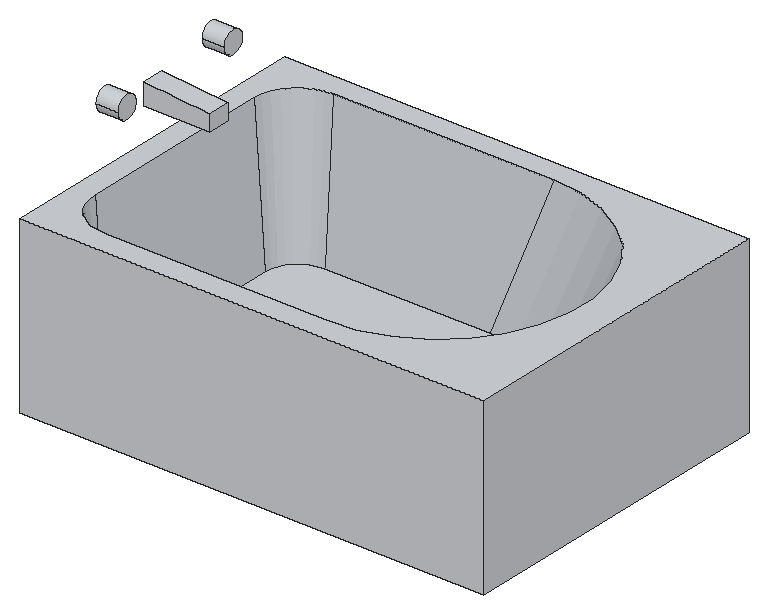
Revit family "M_Banheira", category Peças hidrossanitárias, Revit 2019
Family settings
  Cota do conector redondo = Usar raio
  Tipo de parte = Normal
  Número OmniClass = 23.45.05.14.21.11
  Título OmniClass = Bath/Shower Units
  ID de item do Seek = Bath Tub-0000-CAN-ENU
  Com base no plano de trabalho = Não
  Sempre na vertical = Sim
  Corte com vazios quando carregada = Não
  Compartilhado = Não
  Ponto de cálculo do ambiente = Não
Parameters (values of type "1065 mmx760 mm - Público")
  Raio do sanitário = 20 mm
  Diâmetro do sanitário = Raio do sanitário * 2  # 40 mm
  WFU = 2
  Raio 2 = (Largura da banheira - 75 mm - 75 mm) / 2  # 305 mm
  Raio 1 = (Largura da banheira - 50 mm - 50 mm) / 2  # 330 mm
  Raio da água quente = 3 mm
  Diâmetro da água quente = Raio da água quente * 2  # 6 mm
  HWFU = 3
  Pressão do fluxo [instance] = 55158.0 Pa
  Material da torneira = none
  Raio da água gelada = 3 mm
  Diâmetro da água gelada = Raio da água gelada * 2  # 6 mm
  CWFU = 3
  Largura da banheira = 760 mm
  Material da banheira = none
  Comprimento da banheira = 1065 mm
  Altura da banheira = 400 mm
Types (15, lengths in mm): name | Raio 2 | Raio 1 | HWFU | CWFU | Largura da banheira | Comprimento da banheira
  (no name) | 305 | 330 | 3 | 3 | 760 | 1065
  1065 mmx760 mm - Público | 305 | 330 | 3 | 3 | 760 | 1065
  1220 mmx760 mm - Público | 305 | 330 | 3 | 3 | 760 | 1220
  1370 mmx760 mm - Público | 305 | 330 | 3 | 3 | 760 | 1370
  1525 mmx760 mm - Público | 305 | 330 | 3 | 3 | 760 | 1525
  1370 mmx815 mm - Público | 332.5 | 357.5 | 3 | 3 | 815 | 1370
  1525 mmx815 mm - Público | 332.5 | 357.5 | 3 | 3 | 815 | 1525
  1675 mmx815 mm - Público | 332.5 | 357.5 | 3 | 3 | 815 | 1675
  1065 mmx760 mm - Privado | 305 | 330 | 1 | 1 | 760 | 1065
  1220 mmx760 mm - Privado | 305 | 330 | 1 | 1 | 760 | 1220
  1370 mmx760 mm - Privado | 305 | 330 | 1 | 1 | 760 | 1370
  1370 mmx815 mm - Privado | 332.5 | 357.5 | 1 | 1 | 815 | 1370
  1525 mmx760 mm - Privado | 305 | 330 | 1 | 1 | 760 | 1525
  1525 mmx815 mm - Privado | 332.5 | 357.5 | 1 | 1 | 815 | 1525
  1675 mmx815 mm - Privado | 332.5 | 357.5 | 1 | 1 | 815 | 1675
Reference planes
  plane 1 "Centro (Frente/Trás)": y = 0
  plane 2: z = 0
  plane 3 "Centro (Esquerda/Direita)": x = 0
  plane 4: y = 760
  plane 5: x = 1065
  plane 6: z = 400
  plane 7: x = 50.8
  plane 8: y = 709.2
  plane 9: y = 50.8
  plane 10: x = 988.8
  plane 11: x = 152.4
  plane 12: y = 607.6
  plane 13: y = 152.4
  plane 14: y = 380
  plane 15: x = 658.8
  plane 16: x = 76.2
  plane 17: y = 683.8
  plane 18: y = 76.2
  plane 19: x = 836.4
  plane 20: x = 531.4
  plane 21: z = 50.8
  plane 22: x = 12.7
  plane 23: y = 532.4
  plane 24: y = 227.6
  plane 25: x = 63.5
  plane 26: z = 552.4
  plane 27: z = 476.2
  plane 28: z = 527
  plane 29: x = 152.4
  plane 30: z = 514.3
  plane 31: y = 405.4
  plane 32: y = 354.6
  plane 33: x = 177.8
  plane 34: z = 254
  plane 35: y = 481.6
  plane 36: y = 278.4
Forms (mm)
  Extrusion 1, solid, material <- "Material da banheira"
    sketch origin (0, 0, 0) x (1, 0, 0) y (0, 1, 0)
      loop
        line (0, 0) -> (1065, 0) -> (1065, 760) -> (0, 760) -> (0, 0)
    from 0 to 400
  Blend 2, void
    base sketch origin (0, 0, 0) x (1, 0, 0) y (0, 1, 0)
      loop
        arc (152.4, 709.2) -> (80.558, 679.442) -> (50.8, 607.6) r 101.6
        line (50.8, 607.6) -> (50.8, 152.4)
        arc (50.8, 152.4) -> (80.558, 80.558) -> (152.4, 50.8) r 101.6
        line (152.4, 50.8) -> (658.8, 50.8)
        arc (658.8, 50.8) -> (988, 380) -> (658.8, 709.2) r 329.2
        line (658.8, 709.2) -> (152.4, 709.2)
    top sketch origin (0, 0, 0) x (1, 0, 0) y (0, 1, 0)
      loop
        arc (152.4, 683.8) -> (98.518, 661.482) -> (76.2, 607.6) r 76.2
        line (76.2, 607.6) -> (76.2, 152.4)
        arc (76.2, 152.4) -> (98.518, 98.518) -> (152.4, 76.2) r 76.2
        line (152.4, 76.2) -> (531.4, 76.2)
        arc (531.4, 76.2) -> (835.2, 380) -> (531.4, 683.8) r 303.8
        line (531.4, 683.8) -> (152.4, 683.8)
    from 400 to 50.8
  Extrusion 3, solid, material <- "Material da torneira", detail levels fine
    sketch origin (0, 0, 0) x (0, 1, 0) y (0, 0, 1)
      loop
        circle (532.4, 552.4) r 25.4
      loop
        circle (227.6, 552.4) r 25.4
    from 12.7 to 63.5
  Extrusion 4, solid, material <- "Material da torneira", detail levels fine
    sketch origin (0, 0, 0) x (1, 0, 0) y (0, 0, 1)
      loop
        line (0, 527) -> (0, 476.2) -> (152.4, 476.2) -> (152.4, 514.3) -> (0, 527)
    from -405.4 to -354.6
  Extrusion 5, void
    sketch origin (0, 0, 0) x (1, 0, 0) y (0, 1, 0)
      loop
        circle (177.8, 380) r 44.45
    from 0 to 50.8
  Extrusion 6, solid, material <- "Material da banheira"
    sketch origin (0, 0, 0) x (0, 1, 0) y (0, 0, 1)
      loop
        circle (481.6, 254) r 19.05
      loop
        circle (278.4, 254) r 19.05
    from 0 to 50.8
  Extrusion 7, solid, material <- "Material da banheira"
    sketch origin (0, 0, 0) x (1, 0, 0) y (0, 1, 0)
      loop
        circle (177.8, 380) r 44.45
    from 0 to 50.8
Cuts and joins
  Blend 2, Extrusion 5 cuts Extrusion 1
  joined: Extrusion 1, Extrusion 6
Dimensions and locks
  "Largura da banheira": plane 1 "Centro (Frente/Trás)" to plane 4
  "Comprimento da banheira": plane 3 "Centro (Esquerda/Direita)" to plane 5
  "Altura da banheira": plane 2 to plane 6
  plane 3 "Centro (Esquerda/Direita)" to plane 7 = 50.8 mm
  locked: plane 1 "Centro (Frente/Trás)" to plane 9 at 50.8
  locked: plane 4 to plane 8 at 50.8
  locked: plane 10 to plane 5 at 76.2
  locked: plane 7 to plane 11 at 101.6
  locked: plane 8 to plane 12 at 101.6
  locked: plane 13 to plane 9 at 101.6
  equal spacing: plane 4, plane 14, plane 1 "Centro (Frente/Trás)"
  "Raio 1": plane 15 to plane 10
  locked: plane 3 "Centro (Esquerda/Direita)" to plane 16 at 76.2
  locked: plane 4 to plane 17 at 76.2
  locked: plane 1 "Centro (Frente/Trás)" to plane 18 at 76.2
  locked: plane 19 to plane 5 at 228.6
  "Raio 2": plane 20 to plane 19
  locked: plane 2 to plane 21 at 50.8
  locked: plane 3 "Centro (Esquerda/Direita)" to plane 22 at 12.7
  locked: plane 23 to plane 14 at 152.4
  locked: plane 14 to plane 24 at 152.4
  locked: plane 22 to plane 25 at 50.8
  locked: plane 26 to plane 6 at 152.4
  locked: plane 27 to plane 6 at 76.2
  locked: plane 28 to plane 27 at 50.8
  locked: plane 29 to plane 3 "Centro (Esquerda/Direita)" at 152.4
  locked: plane 30 to plane 27 at 38.1
  locked: plane 31 to plane 14 at 25.4
  locked: plane 14 to plane 32 at 25.4
  locked: plane 3 "Centro (Esquerda/Direita)" to plane 33 at 177.8
  locked: plane 34 to plane 2 at 254
  locked: plane 35 to plane 14 at 101.6
  locked: plane 14 to plane 36 at 101.6
  radius of Extrusion 3 sketch curve = 25.4 mm  (x2)
  radius of Extrusion 5 sketch curve = 44.45 mm
  radius of Extrusion 7 sketch curve = 44.45 mm
  aligned and locked: plane 3 "Centro (Esquerda/Direita)" to Extrusion 1 sketch curve
  aligned and locked: plane 1 "Centro (Frente/Trás)" to Extrusion 1 sketch curve
  aligned and locked: plane 4 to Extrusion 1 sketch curve
  aligned and locked: plane 5 to Extrusion 1 sketch curve
  aligned and locked: plane 6 to Extrusion 1
  aligned and locked: Extrusion 1 to plane 2
  aligned and locked: plane 6 to cut or joined group of Extrusion 1, Blend 2, Extrusion 5, Extrusion 6
  aligned and locked: cut or joined group of Extrusion 1, Blend 2, Extrusion 5, Extrusion 6 to plane 21
  aligned and locked: Extrusion 3 to plane 22
  aligned and locked: Extrusion 3 to plane 25
  aligned and locked: Extrusion 4 sketch curve to plane 3 "Centro (Esquerda/Direita)"
  aligned and locked: plane 28 to Extrusion 4 sketch curve
  aligned and locked: plane 27 to Extrusion 4 sketch curve
  aligned and locked: Extrusion 4 sketch curve to plane 29
  aligned and locked: plane 30 to Extrusion 4 sketch curve
  aligned and locked: plane 29 to Extrusion 4 sketch curve
  aligned and locked: Extrusion 4 sketch curve to Extrusion 4 sketch curve
  aligned and locked: plane 3 "Centro (Esquerda/Direita)" to Extrusion 4 sketch curve
  aligned and locked: plane 31 to Extrusion 4
  aligned and locked: Extrusion 4 to plane 32
  aligned and locked: plane 14 to Extrusion 5 sketch curve
  aligned and locked: plane 33 to Extrusion 5 sketch curve
  aligned and locked: plane 21 to Extrusion 5
  aligned and locked: Extrusion 5 to plane 2
  aligned and locked: Extrusion 6 to plane 3 "Centro (Esquerda/Direita)"
  aligned and locked: plane 7 to Extrusion 6
  aligned and locked: plane 14 to Extrusion 7 sketch curve
  aligned and locked: plane 33 to Extrusion 7 sketch curve
  aligned and locked: plane 2 to Extrusion 7
  aligned and locked: plane 21 to Extrusion 7
Automatic sketch dimensions
  Blend 2 sketch curve to plane 11 = 0 mm  (x4)
  Blend 2 sketch curve to plane 15 = 0 mm
  Extrusion 3 sketch curve to plane 24 = 0 mm
  Extrusion 3 sketch curve to plane 23 = 0 mm
  Extrusion 3 sketch curve to plane 26 = 0 mm  (x2)
  Extrusion 6 sketch curve to plane 34 = 0 mm  (x2)
  Extrusion 6 sketch curve to plane 36 = 0 mm
  Extrusion 6 sketch curve to plane 35 = 0 mm
  Blend 2 sketch curve to plane 7 = 0 mm
  Blend 2 sketch curve to plane 9 = 0 mm
  Blend 2 sketch curve to plane 14 = 0 mm
  Blend 2 sketch curve to plane 13 = 0 mm
  Blend 2 sketch curve to plane 16 = 0 mm
  Blend 2 sketch curve to plane 17 = 0 mm
  Blend 2 sketch curve to plane 20 = 0 mm
  radius of Extrusion 6 sketch curve = 19.05 mm  (x2)
Connectors
  piping at (0, 481.6, 254), diameter 6, driven by "CWFU", driven by "Raio da água gelada", driven by "Pressão do fluxo"
    settings: on Extrusion 6, index 1, connector inside diameter 6 mm, connector length 0 mm, flow factor 0, pipe flow 0.0 L/s, pressure drop 55158.0 Pa, fitting loss kfactor 0, connector angle 0.00°, fixture units 3, engagement length 0 mm, angle of deflection 0.00°, flow configuration 3, flow direction 1, fitting loss method 4, system type 20, joint type 0, gender type 0, connector reference index -1, connector utility 0, adjustable connector no, is connector primary yes, connector description "In"
  piping at (0, 278.4, 254), diameter 6, driven by "Raio da água quente", driven by "HWFU", driven by "Pressão do fluxo"
    settings: on Extrusion 6, index 2, connector inside diameter 6 mm, connector length 0 mm, flow factor 0, pipe flow 0.0 L/s, pressure drop 55158.0 Pa, fitting loss kfactor 0, connector angle 0.00°, fixture units 3, engagement length 0 mm, angle of deflection 0.00°, flow configuration 3, flow direction 1, fitting loss method 4, system type 19, joint type 0, gender type 0, connector reference index -1, connector utility 0, adjustable connector no, is connector primary no, connector description "In"
  piping at (177.8, 380, 0), diameter 40, driven by "WFU", driven by "Raio do sanitário"
    settings: on cut or joined group of Extrusion 1, Blend 2, Extrusion 5, Extrusion 6, index 3, connector inside diameter 40 mm, connector length 0 mm, flow factor 0, pipe flow 0.0 L/s, pressure drop 0.0 Pa, fitting loss kfactor 0, connector angle 0.00°, fixture units 2, engagement length 0 mm, angle of deflection 0.00°, flow configuration 3, flow direction 2, fitting loss method 0, system type 16, joint type 0, gender type 0, connector reference index -1, connector utility 0, adjustable connector no, is connector primary no, connector description "Saída"
